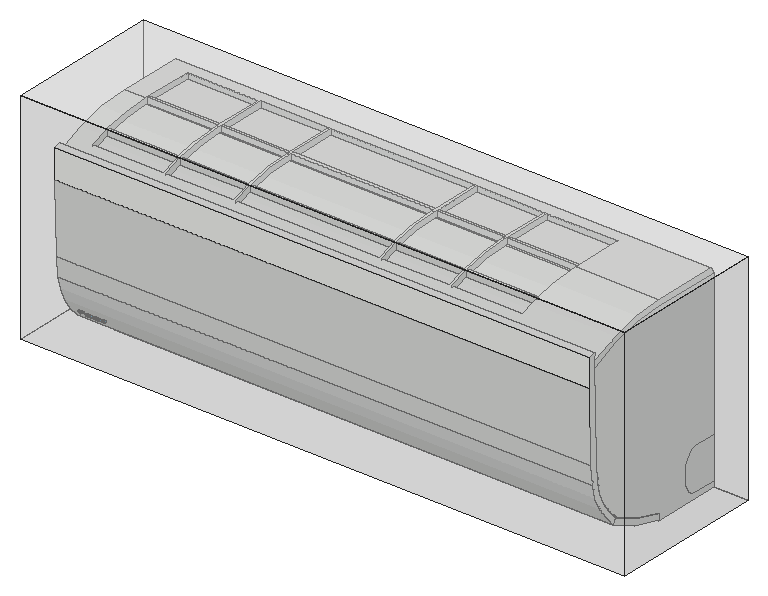
Revit family "outputfile", category 機械設備, Revit 2024
Family settings
  丸型コネクタ寸法 = 半径を使用
  パーツ タイプ = 標準
  OmniClass 番号 = 23.75.10.24.21.27.27
  OmniClass タイトル = Split System Air Conditioning Units
  作業面ベース = いいえ
  常に垂直 = はい
  ロード時にボイドで切り取り = いいえ
  注釈の向きを維持 = いいえ
  共有 = いいえ
  部屋計算ポイント = いいえ
Parameters (values of type "FTKF35TVMA")
  Description = ""
  書き出し IFC クラス(タイプ) = "IfcUnitaryEquipmentType"
  定義済み IFC タイプ(タイプ) = "AIRCONDITIONINGUNIT"
  Cost = 0
  Type Comments = ""
  Keynote = ""
  Type Image = (empty or 0)
  Assembly Code = ""
  w_wall hole = if(Width = 770.0 mm, 48.0 mm, 60.0 mm)  # 48.0 mm
  製造元 = "Daikin"
  モデル = "FTKF35TVMA"
  switch_frequency = yes
  r_Liquid Pipe Size = Liquid Pipe Size / 2  # 3.2 mm
  r_Gas Pipe Size = Gas Pipe Size / 2  # 4.75 mm
  r_Drain Pipe Size = Drain Pipe Size / 2  # 8.0 mm
  lw_powersupply [instance] = if(Width = 770.0 mm, if(or(Rear Right Connection_refrigerant, Bottom Right Connection_refrigerant), 25.0 mm, if(or(Rear Left Connection_refrigerant, Bottom Left Connection_refrigerant), 745.0 mm, 400.0 mm)), if(Width = 990.0 mm, if(or(Rear Right Connection_refrigerant, Bottom Right Connection_refrigerant), 40.0 mm, if(or(Rear Left Connection_refrigerant, Bottom Left Connection_refrigerant), 920.0 mm, 400.0 mm)), if(or(Rear Right Connection_refrigerant, Bottom Right Connection_refrigerant), 40.0 mm, if(or(Rear Left Connection_refrigerant, Bottom Left Connection_refrigerant), 920.0 mm, 400.0 mm))))  # 400.0 mm
  lw_liquidpipe [instance] = if(Width = 770.0 mm, if(or(Rear Right Connection_refrigerant, Bottom Right Connection_refrigerant), 0.0 mm, if(or(Rear Left Connection_refrigerant, Bottom Left Connection_refrigerant), 664.0 mm, 385.0 mm)), if(Width = 990.0 mm, if(or(Rear Right Connection_refrigerant, Bottom Right Connection_refrigerant), 0.0 mm, if(or(Rear Left Connection_refrigerant, Bottom Left Connection_refrigerant), 664.0 mm + (990.0 mm - 770.0 mm), 475.0 mm)), if(or(Rear Right Connection_refrigerant, Bottom Right Connection_refrigerant), 0.0 mm, if(or(Rear Left Connection_refrigerant, Bottom Left Connection_refrigerant), 664.0 mm + (990.0 mm - 770.0 mm), 475.0 mm))))  # 385.0 mm
  lw_gaspipe [instance] = if(Width = 770.0 mm, if(or(Rear Right Connection_refrigerant, Bottom Right Connection_refrigerant), 0.0 mm, if(or(Rear Left Connection_refrigerant, Bottom Left Connection_refrigerant), 675.0 mm, if(Gas Pipe Size = 12.7 mm, 345.0 mm, 335.0 mm))), if(Width = 990.0 mm, if(or(Rear Right Connection_refrigerant, Bottom Right Connection_refrigerant), 10.0 mm, if(or(Rear Left Connection_refrigerant, Bottom Left Connection_refrigerant), 890.0 mm, if(Gas Pipe Size = 15.9 mm, 400.0 mm, 400.0 mm))), if(or(Rear Right Connection_refrigerant, Bottom Right Connection_refrigerant), 10.0 mm, if(or(Rear Left Connection_refrigerant, Bottom Left Connection_refrigerant), 890.0 mm, if(Gas Pipe Size = 15.9 mm, 400.0 mm, 400.0 mm)))))  # 335.0 mm
  lw_drainpipe [instance] = if(Width = 770.0 mm, if(or(Rear Right Connection_refrigerant, Bottom Right Connection_refrigerant), 0.0 mm, if(or(Rear Left Connection_refrigerant, Bottom Left Connection_refrigerant), 770.0 mm - 48.0 mm - 48.0 mm, 440.0 mm)), if(Width = 990.0 mm, if(or(Rear Right Connection_refrigerant, Bottom Right Connection_refrigerant), 0.0 mm, if(or(Rear Left Connection_refrigerant, Bottom Left Connection_refrigerant), 675.0 mm + (990.0 mm - 770.0 mm), 435.0 mm)), if(or(Rear Right Connection_refrigerant, Bottom Right Connection_refrigerant), 0.0 mm, if(or(Rear Left Connection_refrigerant, Bottom Left Connection_refrigerant), 675.0 mm + (990.0 mm - 770.0 mm), 435.0 mm))))  # 440.0 mm
  l_powersupply_length [instance] = if(Width = 770.0 mm, if(Right Connection_refrigerant, 400.0 mm, if(Left Connection_refrigerant, 770.0 mm - 400.0 mm, if(or(Rear Left Connection_refrigerant, Rear Right Connection_refrigerant), 15.0 mm, 50.0 mm))), if(Width = 990.0 mm, if(Right Connection_refrigerant, 400.0 mm, if(Left Connection_refrigerant, 990.0 mm - 400.0 mm, if(or(Rear Left Connection_refrigerant, Rear Right Connection_refrigerant), 15.0 mm, 50.0 mm))), if(Right Connection_refrigerant, 400.0 mm, if(Left Connection_refrigerant, 990.0 mm - 400.0 mm, if(or(Rear Left Connection_refrigerant, Rear Right Connection_refrigerant), 15.0 mm, 50.0 mm)))))  # 400.0 mm
  l_liquidpipe_length [instance] = if(Width = 770.0 mm, if(Right Connection_refrigerant, 433.0 mm, if(Left Connection_refrigerant, 337.0 mm, if(or(Rear Left Connection_refrigerant, Rear Right Connection_refrigerant), 30.0 mm, 40.0 mm))), if(Width = 990.0 mm, if(Right Connection_refrigerant, 535.0 mm, if(Left Connection_refrigerant, 455.0 mm, if(or(Rear Left Connection_refrigerant, Rear Right Connection_refrigerant), 30.0 mm, 40.0 mm))), if(Right Connection_refrigerant, 535.0 mm, if(Left Connection_refrigerant, 455.0 mm, if(or(Rear Left Connection_refrigerant, Rear Right Connection_refrigerant), 30.0 mm, 40.0 mm)))))  # 433.0 mm
  l_gaspipe_length [instance] = if(Width = 770.0 mm, if(Right Connection_refrigerant, if(Gas Pipe Size = 12.7 mm, 393.0 mm, 383.0 mm), if(Left Connection_refrigerant, if(Gas Pipe Size = 12.7 mm, 770.0 mm - 393.0 mm, 770.0 mm - 383.0 mm), if(or(Rear Left Connection_refrigerant, Rear Right Connection_refrigerant), 40.0 mm, 50.0 mm))), if(Width = 990.0 mm, if(Right Connection_refrigerant, if(Gas Pipe Size = 15.9 mm, 460.0 mm, 460.0 mm), if(Left Connection_refrigerant, if(Gas Pipe Size = 15.9 mm, 990.0 mm - 460.0 mm, 990.0 mm - 460.0 mm), if(or(Rear Left Connection_refrigerant, Rear Right Connection_refrigerant), 40.0 mm, 50.0 mm))), if(Right Connection_refrigerant, if(Gas Pipe Size = 15.9 mm, 460.0 mm, 460.0 mm), if(Left Connection_refrigerant, if(Gas Pipe Size = 15.9 mm, 990.0 mm - 460.0 mm, 990.0 mm - 460.0 mm), if(or(Rear Left Connection_refrigerant, Rear Right Connection_refrigerant), 40.0 mm, 50.0 mm)))))  # 383.0 mm
  l_drainpipe_length [instance] = if(Width = 770.0 mm, if(Right Connection_refrigerant, 488.0 mm, if(Left Connection_refrigerant, 282.0 mm, if(or(Rear Left Connection_refrigerant, Rear Right Connection_refrigerant), 15.0 mm, 20.0 mm))), if(Width = 990.0 mm, if(Right Connection_refrigerant, 495.0 mm, if(Left Connection_refrigerant, 495.0 mm, if(or(Rear Left Connection_refrigerant, Rear Right Connection_refrigerant), 15.0 mm, 20.0 mm))), if(Right Connection_refrigerant, 495.0 mm, if(Left Connection_refrigerant, 495.0 mm, if(or(Rear Left Connection_refrigerant, Rear Right Connection_refrigerant), 15.0 mm, 20.0 mm)))))  # 488.0 mm
  h*** = 0.0 mm  # constant formula
  connector_voltage = Voltage_50Hz  # 230 V
  connector_powerinput = [Power Input (Cooling)]  # 0.000 kW
  connector_phase = Phase_50Hz  # 1
  angle_vertical [instance] = if(or(Bottom Left Connection_refrigerant, Bottom Right Connection_refrigerant), 0.00°, 90.00°)  # 90.00°
  angle_horizontal [instance] = if(Right Connection_refrigerant, 90.00°, if(Left Connection_refrigerant, -90.00°, if(or(Rear Left Connection_refrigerant, Rear Right Connection_refrigerant), 180.00°, 0.00°)))  # 90.00°
  Width = 770.0 mm
  Voltage_comment_50Hz = "220 - 240"
  Voltage_50Hz = 230 V
  Version = "ver.1.0"
  Unit Type = "Wall Mounted"
  Unit Mass Weight = 9.00 kg
  Unit Designation [instance] = ""
  Uniclass2015Version = "Products v1.30"
  Uniclass2015Title = "Split coil room air conditioning units"
  Uniclass2015Code = "Pr_70_65_03_86"
  URL = ""
  Total Cooling Capacity [instance] = 0.000 kW
  Sound Pressure Level_M speed (dBA) = 35
  Sound Pressure Level_L speed (dBA) = 28
  Sound Pressure Level_H speed (dBA) = 42
  Sound Power Level_H speed (dB) = 0
  Series = "Single Split_Fan Coil Unit"
  Sensible Cooling Capacity [instance] = 0.000 kW
  Refrigerant Type = "R32"
  Power Input (Cooling) = 0.000 kW
  Phase_50Hz = 1
  Option Accessory 3 [instance] = ""
  Option Accessory 2 [instance] = ""
  Option Accessory 1 [instance] = ""
  Nominal Cooling Capacity = 3.500 kW
  Minimum Circuit Amps_50Hz = 0.0 A
  Minimum Airflow = 342.00 m³/h
  Median Airflow = 456.00 m³/h
  Maximum Fuse Amps_50Hz = 0.0 A
  Maximum Airflow = 624.00 m³/h
  Material_Casing = DAIKIN_PureWhite_Casing_indoorunit
  Load Classification = HVAC
  Liquid Pipe Size = 6.4 mm
  Link_Nested Family [instance] = ""
  IfcVersion = ""
  IfcExportType = "AIRCONDITIONINGUNIT"
  IfcExportAs = "IfcUnitaryEquipmentType"
  Height = 285.0 mm
  Heat Exchanger Type = "Cross Fin Coil"
  Gas Pipe Size = 9.5 mm
  Frequency_50Hz = 50 Hz
  Fan Type = "Cross Flow Fan"
  Fan Drive = "Direct Drive"
  FCU Tag No. [instance] = ""
  Drain Pipe Size = 16.0 mm
  Design Supply Airflow [instance] = 0.00 m³/h
  Depth = 223.0 mm
  既定の高さ = 0.0 mm
  Cooling Entering Wet Bulb Temperature [instance] = 0.00 °C
  Cooling Entering Dry Bulb Temperature [instance] = 0.00 °C
  Cooling Ambient Wet Bulb Temperature [instance] = 0.00 °C
  Cooling Ambient Dry Bulb Temperature [instance] = 0.00 °C
  Clearance visibility [instance] = yes
  Clearance Top = 30.0 mm
  Clearance Right = 50.0 mm
  Clearance Rear = 0.0 mm
  Clearance Left = 50.0 mm
  Clearance Front = 0.0 mm
  Clearance Bottom = 0.0 mm
  Bottom Right Connection_refrigerant [instance] = no
  Bottom Left Connection_refrigerant [instance] = no
  Rear Right Connection_refrigerant [instance] = no
  Rear Left Connection_refrigerant [instance] = no
  Right Connection_refrigerant [instance] = yes
  Left Connection_refrigerant [instance] = no
Reference planes
  plane 1 "Back": y = 0
  plane 2: z = 0
  plane 3 "Center (Left/Right)": x = 0
  plane 4 "Center (Front/Back)": y = -111.5
  plane 5 "Front": y = -223
  plane 6 "Left": x = -385
  plane 7 "Right": x = 385
  plane 8 "Top": z = 0
  plane 9 "Bottom": z = -285
  plane 10: x = -435
  plane 11: x = 435
  plane 12: y = 0
  plane 13: y = -223
  plane 14: z = 30
  plane 15: z = -285
  plane 16 "lw_Piping and Wiring intake": x = 337
  plane 17 "lw_gaspipe": x = 2
  plane 18 "lw_liquidpipe": x = -48
  plane 19 "lw_drainpipe": x = -103
  plane 20 "lh_drainpipe": z = -265
  plane 21 "lh_liquidpipe": z = -245
  plane 22 "lh_gaspipe": z = -235
  plane 23 "ld_drainpipe": y = -15
  plane 24 "ld_liquidpipe": y = -30
  plane 25 "ld_gaspipe": y = -40
  plane 26 "lw_powersupply": x = -15
Dimensions and locks
  equal spacing: plane 6 "Left", plane 3 "Center (Left/Right)", plane 7 "Right"
  "Width": plane 6 "Left" to plane 7 "Right"
  equal spacing: plane 5 "Front", plane 4 "Center (Front/Back)", plane 1 "Back"
  "Depth": plane 5 "Front" to plane 1 "Back"
  "Height": plane 8 "Top" to plane 9 "Bottom"
  "Clearance Rear": plane 12 to plane 1 "Back"
  "Clearance Front": plane 13 to plane 5 "Front"
  "Clearance Top": plane 14 to plane 8 "Top"
  "Clearance Bottom": plane 9 "Bottom" to plane 15
  "w_wall hole": plane 16 "lw_Piping and Wiring intake" to plane 7 "Right"
  "lw_gaspipe": plane 17 "lw_gaspipe" to plane 16 "lw_Piping and Wiring intake"
  "lw_liquidpipe": plane 18 "lw_liquidpipe" to plane 16 "lw_Piping and Wiring intake"
  "lw_drainpipe": plane 19 "lw_drainpipe" to plane 16 "lw_Piping and Wiring intake"
  locked: plane 20 "lh_drainpipe" to plane 9 "Bottom" at 20
  locked: plane 21 "lh_liquidpipe" to plane 9 "Bottom" at 40
  locked: plane 22 "lh_gaspipe" to plane 9 "Bottom" at 50
  locked: plane 23 "ld_drainpipe" to plane 1 "Back" at 15
  locked: plane 1 "Back" to plane 24 "ld_liquidpipe" at 30
  locked: plane 1 "Back" to plane 25 "ld_gaspipe" at 40
  "lw_powersupply": plane 26 "lw_powersupply" to plane 7 "Right"
  "Clearance Left": plane 10 to plane 6 "Left"
  "Clearance Right": plane 7 "Right" to plane 11
  aligned and locked: level to plane 2
  aligned and locked: plane 12 to nested 1
  aligned and locked: nested 1 to plane 13
  aligned and locked: plane 10 to nested 1
  aligned and locked: plane 11 to nested 1
  aligned and locked: plane 15 to nested 1
  aligned and locked: plane 14 to nested 1
  aligned and locked: plane 17 "lw_gaspipe" to nested 2
  aligned and locked: nested 2 to plane 25 "ld_gaspipe"
  aligned and locked: plane 18 "lw_liquidpipe" to nested 3
  aligned and locked: nested 3 to plane 24 "ld_liquidpipe"
  aligned and locked: plane 19 "lw_drainpipe" to nested 4
  aligned and locked: nested 4 to plane 23 "ld_drainpipe"
  aligned and locked: nested 5 to plane 23 "ld_drainpipe"
  aligned and locked: plane 26 "lw_powersupply" to nested 5
  aligned and locked: level to plane 8 "Top"
  aligned and locked: plane 3 "Center (Left/Right)" to nested 6
  aligned and locked: plane 1 "Back" to nested 6
  aligned and locked: plane 8 "Top" to nested 6
Nested families
  nested 1: "daikin_clearancespace" at (0, -111.5, -127.381), show <- "Clearance visibility", visible <- "Clearance visibility", Link_Nested Family <- "Link_Nested Family", type "daikin_clearancespace"
    with width 870.0 mm, show yes, height 315.0 mm, depth 223.0 mm, Link_Nested Family ""
  nested 2: "daikin_connector_rotate3" at (2, -40, -235), angle_vertical <- "angle_vertical", angle_horizontal <- "angle_horizontal", length <- "l_gaspipe_length", radius <- "r_Gas Pipe Size", type "daikin_connector_rotate3"
    with show no, radius 4.75 mm, length 383.0 mm, angle_vertical 90.00°, angle_horizontal 90.00°
  nested 3: "daikin_connector_rotate3" at (-48, -30, -245), angle_vertical <- "angle_vertical", angle_horizontal <- "angle_horizontal", radius <- "r_Liquid Pipe Size", length <- "l_liquidpipe_length", type "daikin_connector_rotate3"
    with show no, radius 3.2 mm, length 433.0 mm, angle_vertical 90.00°, angle_horizontal 90.00°
  nested 4: "daikin_connector_rotate3" at (-103, -15, -265), angle_vertical <- "angle_vertical", angle_horizontal <- "angle_horizontal", length <- "l_drainpipe_length", radius <- "r_Drain Pipe Size", type "daikin_connector_rotate3"
    with show no, radius 8.0 mm, length 488.0 mm, angle_vertical 90.00°, angle_horizontal 90.00°
  nested 5: "daikin_connector_rotate3" at (-15, -15, -235), angle_vertical <- "angle_vertical", angle_horizontal <- "angle_horizontal", length <- "l_powersupply_length", type "daikin_connector_rotate3"
    with show no, radius 10.0 mm, length 400.0 mm, angle_vertical 90.00°, angle_horizontal 90.00°
  nested 6: "DAIKIN_indoorunit_FTKF-TVMA" at (-31, 0, 0), type "FTKF-TVMA"
Connectors
  piping at (385, -40, -235), diameter 9.5, driven by "r_Gas Pipe Size"
    settings: on nested 2, index 1, connector inside diameter 609.6 mm, connector length 0.0 mm, flow factor 0, pipe flow 0.00 m³/h, pressure drop 0.0 Pa, fitting loss kfactor 0, connector angle 0.00°, fixture units 0, engagement length 0.0 mm, angle of deflection 0.00°, flow configuration 1, flow direction 2, fitting loss method 0, system type 29, joint type 0, gender type 0, connector reference index -1, connector utility 0, adjustable connector no, is connector primary yes, connector description "Refrigerant Gas Piping"
  piping at (385, -30, -245), diameter 6.4, driven by "r_Liquid Pipe Size"
    settings: on nested 3, index 2, connector inside diameter 609.6 mm, connector length 0.0 mm, flow factor 0, pipe flow 0.00 m³/h, pressure drop 0.0 Pa, fitting loss kfactor 0, connector angle 0.00°, fixture units 0, engagement length 0.0 mm, angle of deflection 0.00°, flow configuration 1, flow direction 1, fitting loss method 0, system type 29, joint type 0, gender type 0, connector reference index -1, connector utility 0, adjustable connector no, is connector primary no, connector description "Refrigerant Liquid Piping"
  piping at (385, -15, -265), diameter 16, driven by "r_Drain Pipe Size"
    settings: on nested 4, index 3, connector inside diameter 609.6 mm, connector length 0.0 mm, flow factor 0, pipe flow 0.00 m³/h, pressure drop 0.0 Pa, fitting loss kfactor 0, connector angle 0.00°, fixture units 0, engagement length 0.0 mm, angle of deflection 0.00°, flow configuration 1, flow direction 2, fitting loss method 4, system type 16, joint type 0, gender type 0, connector reference index -1, connector utility 0, adjustable connector no, is connector primary no, connector description "Condensate Drain Piping"
  electrical at (385, -15, -235), driven by "Load Classification", driven by "connector_voltage", driven by "connector_phase", driven by "connector_powerinput"
    settings: on nested 5, index 4, voltage 230 V, apparent load 0 VA, apparent load phase1 0 VA, apparent load phase2 0 VA, apparent load phase3 0 VA, power factor 1, load classification "HVAC", number of poles 1, system type 30, power factor state 1, is connector primary yes, connector utility no, sub classification motor no, connector description "Power Supply"
Definition of nested family "daikin_clearancespace"
  Parameters (values of type "daikin_clearancespace")
    Description = "daikin_clearancespace"
    width [instance] = 1823.963 mm
    show [instance] = yes
    material = none
    height [instance] = 1359.762 mm
    depth [instance] = 880.0 mm
    Default Elevation = 0.0 mm
    Link_Nested Family [instance] = ""
  Reference planes
    plane 1 "Center (Front/Back)": y = 0
    plane 2 "Center (Elevation)": z = -0.119
    plane 3 "Center (Left/Right)": x = 0
    plane 4: y = 440
    plane 5: y = -440
    plane 6 "Right": x = 911.982
    plane 7 "Left": x = -911.982
    plane 8 "Top": z = 679.762
    plane 9 "Bottom": z = -680
  Forms (mm)
    Extrusion 1, solid, material <- "material", visible <- "show"
      sketch origin (0, 0, 0) x (1, 0, 0) y (0, 1, 0)
        loop
          line (-911.982, 440) -> (-911.982, -440) -> (911.982, -440) -> (911.982, 440) -> (-911.982, 440)
      from -680 to 679.762
  Lines and regions (mm)
    symbolic lines, visible <- "show"
      curve 1: line (911.982, 440, 0) -> (-911.982, 440, 0)
      curve 2: line (-911.982, 440, 0) -> (-911.982, -440, 0)
      curve 3: line (-911.982, -440, 0) -> (911.982, -440, 0)
      curve 4: line (911.982, -440, 0) -> (911.982, 440, 0)
      curve 5: line (911.982, 0, 679.762) -> (-911.982, 0, 679.762)
      curve 6: line (911.982, 0, -680) -> (911.982, 0, 679.762)
      curve 7: line (-911.982, 0, -680) -> (911.982, 0, -680)
      curve 8: line (-911.982, 0, 679.762) -> (-911.982, 0, -680)
      curve 9: line (0, 440, 679.762) -> (0, -440, 679.762)
      curve 10: line (0, -440, 679.762) -> (0, -440, -680)
      curve 11: line (0, 440, -680) -> (0, 440, 679.762)
      curve 12: line (0, -440, -680) -> (0, 440, -680)
  Dimensions and locks
    "width": plane 7 "Left" to plane 6 "Right"
    "depth": plane 4 to plane 5
    "height": plane 8 "Top" to plane 9 "Bottom"
    equal spacing: plane 7 "Left", plane 3 "Center (Left/Right)", plane 6 "Right"
    equal spacing: plane 4, plane 1 "Center (Front/Back)", plane 5
    equal spacing: plane 8 "Top", plane 2 "Center (Elevation)", plane 9 "Bottom"
    aligned and locked: level to plane 2 "Center (Elevation)"
    aligned and locked: Extrusion 1 sketch curve to plane 4
    aligned and locked: plane 7 "Left" to Extrusion 1 sketch curve
    aligned and locked: Extrusion 1 sketch curve to plane 5
    aligned and locked: Extrusion 1 sketch curve to plane 6 "Right"
    aligned and locked: plane 8 "Top" to Extrusion 1
    aligned and locked: curve 1 to Extrusion 1
    aligned and locked: curve 2 to Extrusion 1
    aligned and locked: curve 3 to Extrusion 1
    aligned and locked: curve 4 to Extrusion 1
    aligned and locked: curve 5 to Extrusion 1
    aligned and locked: curve 6 to Extrusion 1
    aligned and locked: curve 7 to Extrusion 1
    aligned and locked: curve 8 to Extrusion 1
    aligned and locked: curve 9 to Extrusion 1
    aligned and locked: curve 10 to Extrusion 1
    aligned and locked: curve 11 to Extrusion 1
    aligned and locked: curve 12 to Extrusion 1
    aligned and locked: Extrusion 1 to plane 9 "Bottom"
Definition of nested family "DAIKIN_indoorunit_FTKF-TVMA"
  Parameters (values of type "FTKF-TVMA")
    switch_unit1_60-71 = Width = 990.0 mm  # no
    switch_unit1_20-50 = Width = 770.0 mm  # yes
    Width = 770.0 mm
    WALL HOLE-R = if(Width = 770.0 mm, 48.0 mm, 60.0 mm)  # 48.0 mm
    WALL HOLE Size = if(Width = 770.0 mm, 65.0 mm, 80.0 mm)  # 65.0 mm
    Material_Casing = none
    Height = if(Width = 770.0 mm, 285.0 mm, 295.0 mm)  # 285.0 mm
    Default Elevation = 0.0 mm
  Reference planes
    plane 1 "Center (Front/Back)": y = 0
    plane 2 "reference_level": z = 0
    plane 3 "Center (Left/Right)": x = 31
    plane 4: x = -354
    plane 5: x = 416
    plane 6: z = -285
  Forms (mm)
    Extrusion 1, solid, material <- "Material_Casing", visible <- "switch_unit1_20-50"
      sketch origin (29, 0, 0) x (0, 1, 0) y (0, 0, 1)
        loop
          line (-5, 0) -> (-98, 0)
          arc (-98, 0) -> (-157.611, -7.211) -> (-213.783, -28.427) r 250
          arc (-213.783, -28.427) -> (-213.842, -32.972) -> (-213.892, -37.516) r 2191
          arc (-213.892, -37.516) -> (-157.832, -15.495) -> (-98.07, -8) r 242
          line (-98.07, -8) -> (0, -8) -> (-5, 0)
      from -383 to 387
    Extrusion 2, solid, material <- "Material_Casing", visible <- "switch_unit1_20-50"
      sketch origin (416, 1296.25, 1200) x (0, 1, 0) y (0, 0, 1)
        loop
          line (-1472.998, -1446.91) -> (-1476.998, -1453.839)
          arc (-1476.998, -1453.839) -> (-1437.481, -1472.422) -> (-1395.25, -1483.538) r 240
          line (-1395.25, -1483.538) -> (-1395.25, -1475.422)
          arc (-1395.25, -1475.422) -> (-1435.407, -1464.663) -> (-1472.998, -1446.91) r 232
      from 0 to -47.5
    Extrusion 3, solid, material <- "Material_Casing", visible <- "switch_unit1_20-50"
      sketch origin (29, 0, 0) x (0, 1, 0) y (0, 0, 1)
        loop
          arc (-223, -60.455) -> (-222.414, -110.646) -> (-220.656, -160.81) r 2149.92
          arc (-220.656, -160.81) -> (-219.65, -174.299) -> (-217.853, -187.706) r 229.911
          arc (-217.853, -187.706) -> (-205.371, -223.594) -> (-181.517, -253.17) r 111
          line (-181.517, -253.17) -> (-177.429, -246.093)
          arc (-177.429, -246.093) -> (-198.77, -218.989) -> (-209.965, -186.36) r 103
          arc (-209.965, -186.36) -> (-211.681, -173.586) -> (-212.651, -160.735) r 221.844
          arc (-212.651, -160.735) -> (-214.739, -93.233) -> (-214.74, -25.699) r 2186.828
          arc (-214.74, -25.699) -> (-214.671, -21.467) -> (-214.594, -17.235) r 2192
          line (-214.594, -17.235) -> (-223, -19.961) -> (-223, -60.455)
      from -383 to 387
    Extrusion 4, solid, material <- "Material_Casing", visible <- "switch_unit1_20-50"
      sketch origin (29, 0, -20) x (0, 1, 0) y (0, 0, 1)
        loop
          line (0, -265) -> (0, 12) -> (-98.07, 12)
          arc (-98.07, 12) -> (-157.832, 4.505) -> (-213.892, -17.516) r 242
          arc (-213.892, -17.516) -> (-213.638, -79.114) -> (-211.653, -140.681) r 2191
          arc (-211.653, -140.681) -> (-210.685, -153.501) -> (-208.973, -166.243) r 221
          arc (-208.973, -166.243) -> (-197.471, -199.282) -> (-175.482, -226.491) r 102
          arc (-175.482, -226.491) -> (-138.004, -244.019) -> (-98, -254.579) r 231
          line (-98, -254.579) -> (-98, -265) -> (0, -265)
      from -383 to 387
    Extrusion 5, solid, material <- "Material_Casing", visible <- "switch_unit1_20-50"
      sketch origin (-354, 1296.25, 1200) x (0, 1, 0) y (0, 0, 1)
        loop
          line (-1472.998, -1446.91) -> (-1476.998, -1453.839)
          arc (-1476.998, -1453.839) -> (-1437.481, -1472.422) -> (-1395.25, -1483.538) r 240
          line (-1395.25, -1483.538) -> (-1395.25, -1475.422)
          arc (-1395.25, -1475.422) -> (-1435.407, -1464.663) -> (-1472.998, -1446.91) r 232
      from 47 to 0
    Extrusion 6, solid, material <- "Material_Casing", visible <- "switch_unit1_20-50"
      sketch origin (416, 1296.25, 1200) x (0, 1, 0) y (0, 0, 1)
        loop
          line (-1472.998, -1446.91) -> (-1476.998, -1453.839)
          arc (-1476.998, -1453.839) -> (-1443.437, -1470.168) -> (-1407.75, -1481.097) r 240
          line (-1407.75, -1481.097) -> (-1407.75, -1472.894)
          arc (-1407.75, -1472.894) -> (-1441.363, -1462.385) -> (-1472.998, -1446.91) r 232
      from -116.993 to -48.493
    Extrusion 7, solid, material <- "Material_Casing", visible <- "switch_unit1_20-50"
      sketch origin (416, 1296.25, 1200) x (0, 1, 0) y (0, 0, 1)
        loop
          line (-1472.998, -1446.91) -> (-1476.998, -1453.839)
          arc (-1476.998, -1453.839) -> (-1443.437, -1470.168) -> (-1407.75, -1481.097) r 240
          line (-1407.75, -1481.097) -> (-1407.75, -1472.894)
          arc (-1407.75, -1472.894) -> (-1441.363, -1462.385) -> (-1472.998, -1446.91) r 232
      from -717 to -121.993
    Extrusion 8, void
      sketch origin (31, 0, -235) x (1, 0, 0) y (0, 1, 0)
        loop
          line (-252.674, -22.316) -> (-354.941, -22.316) -> (-354.941, -91.341) -> (-252.674, -91.341) -> (-252.674, -22.316)
        loop
          line (-249.341, -91.341) -> (-151.574, -91.341) -> (-151.574, -22.316) -> (-249.341, -22.316) -> (-249.341, -91.341)
        loop
          line (58.309, -22.316) -> (-148.309, -22.316) -> (-148.309, -91.341) -> (58.309, -91.341) -> (58.309, -22.316)
        loop
          line (61.689, -22.316) -> (61.689, -91.341) -> (159.457, -91.341) -> (159.457, -22.316) -> (61.689, -22.316)
        loop
          line (162.789, -22.316) -> (162.789, -91.341) -> (265.057, -91.341) -> (265.057, -22.316) -> (162.789, -22.316)
        loop
          line (-354.941, -94.659) -> (-354.941, -165.259) -> (-252.674, -165.259) -> (-252.674, -94.659) -> (-354.941, -94.659)
        loop
          line (-249.341, -94.659) -> (-249.341, -165.259) -> (-151.574, -165.259) -> (-151.574, -94.659) -> (-249.341, -94.659)
        loop
          line (-148.309, -94.659) -> (-148.309, -165.259) -> (58.309, -165.259) -> (58.309, -94.659) -> (-148.309, -94.659)
        loop
          line (61.689, -94.659) -> (61.689, -165.259) -> (159.457, -165.259) -> (159.457, -94.659) -> (61.689, -94.659)
        loop
          line (162.789, -94.659) -> (162.789, -165.259) -> (265.057, -165.259) -> (265.057, -94.659) -> (162.789, -94.659)
        loop
          line (-354.941, -167.382) -> (-354.941, -192.681) -> (-252.674, -192.681) -> (-252.674, -167.382) -> (-354.941, -167.382)
        loop
          line (-249.341, -167.382) -> (-249.341, -192.681) -> (-151.574, -192.681) -> (-151.574, -167.382) -> (-249.341, -167.382)
        loop
          line (-148.309, -167.382) -> (-148.309, -192.681) -> (58.309, -192.681) -> (58.309, -167.382) -> (-148.309, -167.382)
        loop
          line (159.457, -167.382) -> (61.689, -167.382) -> (61.689, -192.681) -> (159.457, -192.681) -> (159.457, -167.382)
        loop
          line (265.057, -167.382) -> (162.789, -167.382) -> (162.789, -192.681) -> (265.057, -192.681) -> (265.057, -167.382)
      from 201.638 to 250
    Extrusion 9, solid, material <- "Material_Casing"
      sketch origin (31, 0, 0) x (1, 0, 0) y (0, 0, 1)
        loop
          circle (337, -240.5) r 32.5
        loop
          circle (-337, -240.5) r 32.5
      from 0 to 5
    Extrusion 10, solid, material <- "Material_Casing", visible <- "switch_unit1_20-50"
      sketch origin (416, 1296.25, 1200) x (0, -1, 0) y (0, 0, 1)
        loop
          line (1326.25, -1417) -> (1296.25, -1417) -> (1296.25, -1477) -> (1326.25, -1477)
          arc (1326.25, -1477) -> (1340.393, -1471.142) -> (1346.25, -1457) r 20
          line (1346.25, -1457) -> (1346.25, -1437)
          arc (1346.25, -1437) -> (1340.393, -1422.858) -> (1326.25, -1417) r 20
      from 0 to 5
    Extrusion 11, solid, material <- "Material_Casing", visible <- "switch_unit1_20-50"
      sketch origin (-354, 1296.25, 1200) x (0, 1, 0) y (0, 0, 1)
        loop
          line (-1296.25, -1417) -> (-1326.25, -1417)
          arc (-1326.25, -1417) -> (-1340.393, -1422.858) -> (-1346.25, -1437) r 20
          line (-1346.25, -1437) -> (-1346.25, -1457)
          arc (-1346.25, -1457) -> (-1340.393, -1471.142) -> (-1326.25, -1477) r 20
          line (-1326.25, -1477) -> (-1296.25, -1477) -> (-1296.25, -1417)
      from 0 to 5
    Extrusion 12, solid, material <- "Material_Casing", visible <- "switch_unit1_20-50"
      sketch origin (31, 0, -285) x (-1, 0, 0) y (0, -1, 0)
        loop
          line (-314, 0) -> (-314, 30)
          arc (-314, 30) -> (-319.858, 44.142) -> (-334, 50) r 20
          line (-334, 50) -> (-354, 50)
          arc (-354, 50) -> (-368.142, 44.142) -> (-374, 30) r 20
          line (-374, 30) -> (-374, 0) -> (-314, 0)
        loop
          line (374, 0) -> (374, 30)
          arc (374, 30) -> (368.142, 44.142) -> (354, 50) r 20
          line (354, 50) -> (334, 50)
          arc (334, 50) -> (319.858, 44.142) -> (314, 30) r 20
          line (314, 30) -> (314, 0) -> (374, 0)
      from 0 to 5
    Extrusion 13, solid, material <- "Material_Casing", visible <- "switch_unit1_60-71"
      sketch origin (31, 0, 0) x (0, 1, 0) y (0, 0, 1)
        loop
          line (-5, 0) -> (-138, 0)
          arc (-138, 0) -> (-197.611, -7.211) -> (-253.783, -28.427) r 250
          arc (-253.783, -28.427) -> (-253.838, -32.687) -> (-253.886, -36.946) r 2191
          arc (-253.886, -36.946) -> (-197.73, -15.346) -> (-138.014, -8) r 246.393
          line (-138.014, -8) -> (0, -8) -> (-5, 0)
      from -495 to 495
    Extrusion 14, solid, material <- "Material_Casing", visible <- "switch_unit1_60-71"
      sketch origin (418, 1296.25, 1200) x (0, 1, 0) y (0, 0, 1)
        loop
          arc (-1515.208, -1454.149) -> (-1506.856, -1460.599) -> (-1497.925, -1466.219) r 110
          arc (-1497.925, -1466.219) -> (-1445.718, -1487.493) -> (-1389.844, -1494.995) r 223
          line (-1389.844, -1494.995) -> (-1389.844, -1486.086) -> (-1404.386, -1486.086)
          arc (-1404.386, -1486.086) -> (-1449.542, -1477.46) -> (-1491.818, -1459.402) r 214.289
          arc (-1491.818, -1459.402) -> (-1501.056, -1453.541) -> (-1509.606, -1446.715) r 101
          line (-1509.606, -1446.715) -> (-1515.208, -1454.149)
      from 108 to 57.5
    Extrusion 15, solid, material <- "Material_Casing", visible <- "switch_unit1_60-71"
      sketch origin (31, 0, 0) x (0, 1, 0) y (0, 0, 1)
        loop
          line (-263, -19.962) -> (-263, -61.6)
          arc (-263, -61.6) -> (-262.414, -110.219) -> (-260.656, -158.81) r 2017.341
          arc (-260.656, -158.81) -> (-255.648, -191.935) -> (-244.041, -223.362) r 164.725
          arc (-244.041, -223.362) -> (-233.569, -239.793) -> (-219.717, -253.495) r 87.379
          line (-219.717, -253.495) -> (-214.706, -246.846)
          arc (-214.706, -246.846) -> (-229.564, -230.029) -> (-240.385, -210.371) r 102
          arc (-240.385, -210.371) -> (-249.049, -182.962) -> (-252.848, -154.467) r 165.789
          arc (-252.848, -154.467) -> (-254.771, -90.102) -> (-254.74, -25.708) r 2122.533
          arc (-254.74, -25.708) -> (-254.671, -21.469) -> (-254.594, -17.23) r 2192
          line (-254.594, -17.23) -> (-263, -19.962)
      from -495 to 495
    Extrusion 16, void
      sketch origin (33, 0, 0) x (1, 0, 0) y (0, 1, 0)
        loop
          line (-466.909, -22.316) -> (-466.909, -111.341) -> (-366.303, -111.341) -> (-366.303, -22.316) -> (-466.909, -22.316)
        loop
          line (-362.71, -22.316) -> (-362.71, -111.341) -> (-262.103, -111.341) -> (-262.103, -22.316) -> (-362.71, -22.316)
        loop
          line (-258.51, -22.316) -> (-258.51, -111.341) -> (-157.904, -111.341) -> (-157.904, -22.316) -> (-258.51, -22.316)
        loop
          line (-154.31, -22.316) -> (-154.31, -111.341) -> (-53.704, -111.341) -> (-53.704, -22.316) -> (-154.31, -22.316)
        loop
          line (-50.11, -22.316) -> (-50.11, -111.341) -> (50.496, -111.341) -> (50.496, -22.316) -> (-50.11, -22.316)
        loop
          line (54.089, -22.316) -> (54.089, -111.341) -> (154.696, -111.341) -> (154.696, -22.316) -> (54.089, -22.316)
        loop
          line (158.289, -22.316) -> (158.289, -111.341) -> (258.895, -111.341) -> (258.895, -22.316) -> (158.289, -22.316)
        loop
          line (262.489, -22.316) -> (262.489, -111.341) -> (363.095, -111.341) -> (363.095, -22.316) -> (262.489, -22.316)
        loop
          line (-466.909, -114.459) -> (-466.909, -185.059) -> (-366.303, -185.059) -> (-366.303, -114.459) -> (-466.909, -114.459)
        loop
          line (-362.71, -114.459) -> (-362.71, -185.059) -> (-262.103, -185.059) -> (-262.103, -114.459) -> (-362.71, -114.459)
        loop
          line (-258.51, -114.459) -> (-258.51, -185.059) -> (-157.904, -185.059) -> (-157.904, -114.459) -> (-258.51, -114.459)
        loop
          line (-154.31, -114.459) -> (-154.31, -185.059) -> (-53.704, -185.059) -> (-53.704, -114.459) -> (-154.31, -114.459)
        loop
          line (-50.11, -114.459) -> (-50.11, -185.059) -> (50.496, -185.059) -> (50.496, -114.459) -> (-50.11, -114.459)
        loop
          line (54.089, -114.459) -> (54.089, -185.059) -> (154.696, -185.059) -> (154.696, -114.459) -> (54.089, -114.459)
        loop
          line (158.289, -114.459) -> (158.289, -185.059) -> (258.895, -185.059) -> (258.895, -114.459) -> (158.289, -114.459)
        loop
          line (262.489, -114.459) -> (262.489, -185.059) -> (363.095, -185.059) -> (363.095, -114.459) -> (262.489, -114.459)
        loop
          line (-466.909, -187.382) -> (-466.909, -232.681) -> (-366.303, -232.681) -> (-366.303, -187.382) -> (-466.909, -187.382)
        loop
          line (-362.71, -187.382) -> (-362.71, -232.681) -> (-262.103, -232.681) -> (-262.103, -187.382) -> (-362.71, -187.382)
        loop
          line (-258.51, -187.382) -> (-258.51, -232.681) -> (-157.904, -232.681) -> (-157.904, -187.382) -> (-258.51, -187.382)
        loop
          line (-154.31, -187.382) -> (-154.31, -232.681) -> (-53.704, -232.681) -> (-53.704, -187.382) -> (-154.31, -187.382)
        loop
          line (-50.11, -187.382) -> (-50.11, -232.681) -> (50.496, -232.681) -> (50.496, -187.382) -> (-50.11, -187.382)
        loop
          line (54.089, -187.382) -> (54.089, -232.681) -> (154.696, -232.681) -> (154.696, -187.382) -> (54.089, -187.382)
        loop
          line (158.289, -187.382) -> (158.289, -232.681) -> (258.895, -232.681) -> (258.895, -187.382) -> (158.289, -187.382)
        loop
          line (262.489, -187.382) -> (262.489, -232.681) -> (363.095, -232.681) -> (363.095, -187.382) -> (262.489, -187.382)
      from -40.013 to 47.268
    Extrusion 17, solid, material <- "Material_Casing", visible <- "switch_unit1_60-71"
      sketch origin (-356, 1296.25, 1200) x (0, 1, 0) y (0, 0, -1)
        loop
          line (-1515.208, 1454.149) -> (-1509.606, 1446.715)
          arc (-1509.606, 1446.715) -> (-1501.056, 1453.541) -> (-1491.818, 1459.402) r 101
          arc (-1491.818, 1459.402) -> (-1449.542, 1477.46) -> (-1404.386, 1486.086) r 214.289
          line (-1404.386, 1486.086) -> (-1389.844, 1486.086) -> (-1389.844, 1494.995)
          arc (-1389.844, 1494.995) -> (-1445.718, 1487.493) -> (-1497.925, 1466.219) r 223
          arc (-1497.925, 1466.219) -> (-1506.856, 1460.599) -> (-1515.208, 1454.149) r 110
      from 108 to 61
    Extrusion 18, solid, material <- "Material_Casing", visible <- "switch_unit1_60-71"
      sketch origin (418, 1296.25, 1200) x (0, 1, 0) y (0, 0, 1)
        loop
          arc (-1515.208, -1454.149) -> (-1506.856, -1460.599) -> (-1497.925, -1466.219) r 110
          arc (-1497.925, -1466.219) -> (-1463.185, -1482.066) -> (-1426.25, -1491.755) r 223
          line (-1426.25, -1491.755) -> (-1426.25, -1483.166)
          arc (-1426.25, -1483.166) -> (-1460.008, -1473.969) -> (-1491.818, -1459.402) r 214.289
          arc (-1491.818, -1459.402) -> (-1501.056, -1453.541) -> (-1509.606, -1446.715) r 101
          line (-1509.606, -1446.715) -> (-1515.208, -1454.149)
      from 56.5 to -36.993
    Extrusion 19, solid, material <- "Material_Casing", visible <- "switch_unit1_60-71"
      sketch origin (418, 1296.25, 1200) x (0, 1, 0) y (0, 0, 1)
        loop
          arc (-1426.25, -1483.166) -> (-1443.442, -1479.224) -> (-1460.25, -1473.881) r 214.289
          line (-1460.25, -1473.881) -> (-1460.25, -1483.089)
          arc (-1460.25, -1483.089) -> (-1443.421, -1488.091) -> (-1426.25, -1491.755) r 223
          line (-1426.25, -1491.755) -> (-1426.25, -1483.166)
      from -43.493 to -828.893
    Extrusion 20, solid, material <- "Material_Casing", visible <- "switch_unit1_60-71"
      sketch origin (418, 1296.25, 1200) x (0, 1, 0) y (0, 0, 1)
        loop
          arc (-1515.208, -1454.149) -> (-1506.856, -1460.599) -> (-1497.925, -1466.219) r 110
          arc (-1497.925, -1466.219) -> (-1479.479, -1475.527) -> (-1460.25, -1483.089) r 223
          line (-1460.25, -1483.089) -> (-1460.25, -1473.881)
          arc (-1460.25, -1473.881) -> (-1476.328, -1467.282) -> (-1491.818, -1459.402) r 214.289
          arc (-1491.818, -1459.402) -> (-1501.056, -1453.541) -> (-1509.606, -1446.715) r 101
          line (-1509.606, -1446.715) -> (-1515.208, -1454.149)
      from -43.493 to -828.893
    Extrusion 21, solid, material <- "Material_Casing", visible <- "switch_unit1_60-71"
      sketch origin (31, 0, -30) x (0, 1, 0) y (0, 0, 1)
        loop
          line (0, 22) -> (-138.014, 22)
          arc (-138.014, 22) -> (-197.73, 14.654) -> (-253.886, -6.946) r 246.393
          arc (-253.886, -6.946) -> (-253.682, -65.635) -> (-251.855, -124.295) r 2120.935
          arc (-251.855, -124.295) -> (-248.086, -152.682) -> (-239.461, -179.988) r 164.789
          arc (-239.461, -179.988) -> (-228.903, -199.231) -> (-214.437, -215.738) r 101
          line (-214.437, -215.738) -> (-212.406, -216.221)
          arc (-212.406, -216.221) -> (-204.07, -222.837) -> (-195.079, -228.53) r 100
          arc (-195.079, -228.53) -> (-145.557, -248.629) -> (-92.593, -255.785) r 213.289
          line (-92.593, -255.785) -> (-92.593, -265) -> (0, -265) -> (0, 22)
      from -495 to 495
    Extrusion 22, solid, material <- "Material_Casing", visible <- "switch_unit1_60-71"
      sketch origin (526, 1296.25, 1200) x (0, -1, 0) y (0, 0, 1)
        loop
          line (1326.25, -1427.035) -> (1296.25, -1427.035) -> (1296.25, -1487.035) -> (1326.25, -1487.035)
          arc (1326.25, -1487.035) -> (1340.393, -1481.177) -> (1346.25, -1467.035) r 20
          line (1346.25, -1467.035) -> (1346.25, -1447.035)
          arc (1346.25, -1447.035) -> (1340.393, -1432.892) -> (1326.25, -1427.035) r 20
      from 0 to 5
    Extrusion 23, solid, material <- "Material_Casing", visible <- "switch_unit1_60-71"
      sketch origin (-459, 1296.25, 1200) x (0, -1, 0) y (0, 0, 1)
        loop
          line (1326.25, -1427.035) -> (1296.25, -1427.035) -> (1296.25, -1487.035) -> (1326.25, -1487.035)
          arc (1326.25, -1487.035) -> (1340.393, -1481.177) -> (1346.25, -1467.035) r 20
          line (1346.25, -1467.035) -> (1346.25, -1447.035)
          arc (1346.25, -1447.035) -> (1340.393, -1432.892) -> (1326.25, -1427.035) r 20
      from 0 to 5
    Extrusion 24, solid, material <- "Material_Casing", visible <- "switch_unit1_60-71"
      sketch origin (31, 200, -295) x (-1, 0, 0) y (0, -1, 0)
        loop
          line (469, 200) -> (469, 230)
          arc (469, 230) -> (463.142, 244.142) -> (449, 250) r 20
          line (449, 250) -> (429, 250)
          arc (429, 250) -> (414.858, 244.142) -> (409, 230) r 20
          line (409, 230) -> (409, 200) -> (469, 200)
        loop
          line (-469, 200) -> (-409, 200) -> (-409, 230)
          arc (-409, 230) -> (-414.858, 244.142) -> (-429, 250) r 20
          line (-429, 250) -> (-449, 250)
          arc (-449, 250) -> (-463.142, 244.142) -> (-469, 230) r 20
          line (-469, 230) -> (-469, 200)
      from 0 to 5
  Cuts and joins
    Extrusion 8 cuts Extrusion 1
    Extrusion 16 cuts Extrusion 13
  Lines and regions (mm)
    reference lines
      curve 1: line (-523, -201.911, -229.404) -> (-523, -193.542, -239.977)
      curve 2: line (-523, -240.779, -229.404) -> (-523, -232.411, -239.977)
  Dimensions and locks
    locked: Extrusion 10 sketch curve to Extrusion 10 sketch curve at 60
    locked: Extrusion 10 sketch curve to Extrusion 10 sketch curve at 50
    locked: Extrusion 12 sketch curve to Extrusion 12 sketch curve at 60  (x2)
    locked: Extrusion 12 sketch curve to Extrusion 12 sketch curve at 50
    equal spacing: plane 5, plane 3 "Center (Left/Right)", plane 4
    "Width": plane 5 to plane 4
    locked: Extrusion 9 sketch curve to plane 4 at 48
    "WALL HOLE-R": plane 5 to Extrusion 9 sketch curve
    "Height": plane 2 "reference_level" to plane 6
    locked: Extrusion 9 sketch curve to plane 6 at 44.5  (x2)
    locked: Extrusion 15 to nested 2 at 15
    locked: Extrusion 22 sketch curve to Extrusion 22 sketch curve at 60
    locked: Extrusion 22 sketch curve to Extrusion 22 sketch curve at 50
    locked: Extrusion 23 sketch curve to Extrusion 23 sketch curve at 60
    locked: Extrusion 23 sketch curve to Extrusion 23 sketch curve at 50
    locked: Extrusion 24 sketch curve to Extrusion 24 sketch curve at 60  (x2)
    locked: Extrusion 24 sketch curve to Extrusion 24 sketch curve at 50  (x2)
    "WALL HOLE Size": diameter of Extrusion 9 sketch curve  (x2)
    aligned and locked: level to plane 2 "reference_level"
    aligned and locked: nested 1 to curve 1
    aligned and locked: Extrusion 11 sketch curve to Extrusion 10  (x4)
    aligned and locked: Extrusion 12 sketch curve to Extrusion 12 sketch curve  (x2)
    aligned and locked: Extrusion 9 to plane 1 "Center (Front/Back)"
    aligned and locked: nested 2 to curve 2
  Automatic sketch dimensions
    curve 1 to level = 239.977 mm
    plane 1 "Center (Front/Back)" to curve 1 = 193.542 mm
    curve 2 to curve 1 = 0.0 mm
    curve 2 to curve 2 = 10.573 mm
    curve 1 to curve 1 = 10.573 mm
    curve 1 to curve 1 = 8.368 mm
    curve 1 to curve 2 = 30.5 mm
    curve 2 to curve 2 = 8.368 mm
    Extrusion 1 sketch curve to level = 0.0 mm
    Extrusion 1 sketch curve to plane 1 "Center (Front/Back)" = 0.0 mm
    plane 1 "Center (Front/Back)" to Extrusion 1 sketch curve = 5.0 mm
    plane 1 "Center (Front/Back)" to Extrusion 1 sketch curve = 98.0 mm
    Extrusion 1 sketch curve to Extrusion 1 sketch curve = 0.07 mm
    Extrusion 1 sketch curve to level = 59.292 mm
    Extrusion 1 sketch curve to plane 1 "Center (Front/Back)" = 1977.0 mm
    Extrusion 1 sketch curve to level = 250.0 mm
    Extrusion 1 sketch curve to Extrusion 1 sketch curve = 0.0 mm
    Extrusion 1 sketch curve to level = 8.0 mm
    Extrusion 1 sketch curve to level = 28.427 mm
    plane 1 "Center (Front/Back)" to Extrusion 2 sketch curve = 180.748 mm
    Extrusion 2 sketch curve to Extrusion 2 sketch curve = 4.0 mm
    Extrusion 2 sketch curve to Extrusion 2 sketch curve = 77.747 mm
    plane 1 "Center (Front/Back)" to Extrusion 2 sketch curve = 59.279 mm
    Extrusion 2 sketch curve to Extrusion 2 sketch curve = 0.0 mm
    Extrusion 2 sketch curve to level = 283.538 mm
    Extrusion 2 sketch curve to Extrusion 2 sketch curve = 8.116 mm
    Extrusion 2 sketch curve to Extrusion 2 sketch curve = 21.583 mm
    Extrusion 2 sketch curve to Extrusion 2 sketch curve = 6.929 mm
    Extrusion 3 sketch curve to level = 19.961 mm
    plane 1 "Center (Front/Back)" to Extrusion 3 sketch curve = 223.0 mm
    Extrusion 3 sketch curve to level = 17.235 mm
    Extrusion 3 sketch curve to Extrusion 3 sketch curve = 8.406 mm
    plane 1 "Center (Front/Back)" to Extrusion 3 sketch curve = 181.517 mm
    Extrusion 3 sketch curve to Extrusion 3 sketch curve = 4.087 mm
    Extrusion 3 sketch curve to Extrusion 3 sketch curve = 69.11 mm
    Extrusion 3 sketch curve to Extrusion 3 sketch curve = 0.001 mm
    Extrusion 3 sketch curve to plane 1 "Center (Front/Back)" = 8.955 mm
    Extrusion 3 sketch curve to Extrusion 3 sketch curve = 0.067 mm
    Extrusion 3 sketch curve to level = 60.455 mm
    Extrusion 3 sketch curve to Extrusion 3 sketch curve = 1917.898 mm
    Extrusion 3 sketch curve to Extrusion 3 sketch curve = 44.907 mm
    Extrusion 3 sketch curve to Extrusion 3 sketch curve = 5.172 mm
    Extrusion 3 sketch curve to level = 150.456 mm
    Extrusion 3 sketch curve to Extrusion 3 sketch curve = 0.006 mm
    Extrusion 3 sketch curve to Extrusion 3 sketch curve = 19.265 mm
    Extrusion 3 sketch curve to Extrusion 3 sketch curve = 0.004 mm
    Extrusion 3 sketch curve to Extrusion 3 sketch curve = 76.368 mm
    Extrusion 3 sketch curve to Extrusion 3 sketch curve = 7.077 mm
    Extrusion 3 sketch curve to Extrusion 3 sketch curve = 1.002 mm
    Extrusion 3 sketch curve to Extrusion 3 sketch curve = 0.046 mm
    Extrusion 3 sketch curve to Extrusion 3 sketch curve = 8.005 mm
    Extrusion 3 sketch curve to Extrusion 3 sketch curve = 0.147 mm
    Extrusion 3 sketch curve to Extrusion 3 sketch curve = 0.0 mm
    Extrusion 4 sketch curve to plane 1 "Center (Front/Back)" = 0.0 mm
    plane 1 "Center (Front/Back)" to Extrusion 4 sketch curve = 59.278 mm
    Extrusion 4 sketch curve to Extrusion 4 sketch curve = 98.0 mm
    Extrusion 4 sketch curve to Extrusion 4 sketch curve = 0.0 mm  (x3)
    Extrusion 4 sketch curve to level = 8.0 mm
    Extrusion 4 sketch curve to Extrusion 4 sketch curve = 38.791 mm
    Extrusion 4 sketch curve to Extrusion 4 sketch curve = 10.249 mm
    Extrusion 4 sketch curve to plane 1 "Center (Front/Back)" = 9.11 mm
    Extrusion 4 sketch curve to level = 59.292 mm
    Extrusion 4 sketch curve to Extrusion 4 sketch curve = 1967.89 mm
    Extrusion 4 sketch curve to Extrusion 4 sketch curve = 142.454 mm
    Extrusion 4 sketch curve to Extrusion 4 sketch curve = 19.271 mm
    Extrusion 4 sketch curve to Extrusion 4 sketch curve = 80.275 mm
    Extrusion 4 sketch curve to Extrusion 4 sketch curve = 24.579 mm
    Extrusion 4 sketch curve to Extrusion 4 sketch curve = 10.421 mm
    Extrusion 4 sketch curve to level = 46.847 mm
    Extrusion 4 sketch curve to Extrusion 4 sketch curve = 77.412 mm
    Extrusion 4 sketch curve to Extrusion 4 sketch curve = 33.49 mm
    Extrusion 4 sketch curve to Extrusion 4 sketch curve = 2.68 mm
    plane 1 "Center (Front/Back)" to Extrusion 5 sketch curve = 180.748 mm
    Extrusion 5 sketch curve to Extrusion 5 sketch curve = 4.0 mm
    Extrusion 5 sketch curve to Extrusion 5 sketch curve = 77.747 mm
    plane 1 "Center (Front/Back)" to Extrusion 5 sketch curve = 59.279 mm
    Extrusion 5 sketch curve to Extrusion 5 sketch curve = 0.0 mm
    Extrusion 5 sketch curve to level = 283.538 mm
    Extrusion 5 sketch curve to Extrusion 5 sketch curve = 8.116 mm
    Extrusion 5 sketch curve to Extrusion 5 sketch curve = 21.583 mm
    Extrusion 5 sketch curve to Extrusion 5 sketch curve = 6.929 mm
    plane 1 "Center (Front/Back)" to Extrusion 6 sketch curve = 180.748 mm
    Extrusion 6 sketch curve to Extrusion 6 sketch curve = 4.0 mm
    Extrusion 6 sketch curve to Extrusion 6 sketch curve = 65.247 mm
    plane 1 "Center (Front/Back)" to Extrusion 6 sketch curve = 59.279 mm
    Extrusion 6 sketch curve to Extrusion 6 sketch curve = 0.0 mm
    Extrusion 6 sketch curve to level = 281.097 mm
    Extrusion 6 sketch curve to Extrusion 6 sketch curve = 8.203 mm
    Extrusion 6 sketch curve to Extrusion 6 sketch curve = 19.055 mm
    Extrusion 6 sketch curve to Extrusion 6 sketch curve = 6.929 mm
    plane 1 "Center (Front/Back)" to Extrusion 7 sketch curve = 180.748 mm
    Extrusion 7 sketch curve to Extrusion 7 sketch curve = 4.0 mm
    Extrusion 7 sketch curve to Extrusion 7 sketch curve = 65.247 mm
    plane 1 "Center (Front/Back)" to Extrusion 7 sketch curve = 59.279 mm
    Extrusion 7 sketch curve to Extrusion 7 sketch curve = 0.0 mm
    Extrusion 7 sketch curve to level = 281.097 mm
    Extrusion 7 sketch curve to Extrusion 7 sketch curve = 8.203 mm
    Extrusion 7 sketch curve to Extrusion 7 sketch curve = 19.055 mm
    Extrusion 7 sketch curve to Extrusion 7 sketch curve = 6.929 mm
    plane 1 "Center (Front/Back)" to Extrusion 8 sketch curve = 165.259 mm  (x2)
    Extrusion 8 sketch curve to plane 3 "Center (Left/Right)" = 354.941 mm
    plane 1 "Center (Front/Back)" to Extrusion 8 sketch curve = 22.316 mm  (x3)
    Extrusion 8 sketch curve to Extrusion 8 sketch curve = 0.0 mm  (x26)
    Extrusion 8 sketch curve to Extrusion 8 sketch curve = 102.268 mm  (x2)
    Extrusion 8 sketch curve to Extrusion 8 sketch curve = 3.332 mm  (x4)
    Extrusion 8 sketch curve to Extrusion 8 sketch curve = 97.768 mm  (x2)
    Extrusion 8 sketch curve to Extrusion 8 sketch curve = 3.264 mm  (x3)
    plane 3 "Center (Left/Right)" to Extrusion 8 sketch curve = 58.309 mm
    Extrusion 8 sketch curve to Extrusion 8 sketch curve = 3.38 mm  (x3)
    Extrusion 8 sketch curve to Extrusion 8 sketch curve = 2.124 mm  (x6)
    Extrusion 8 sketch curve to Extrusion 8 sketch curve = 25.299 mm  (x2)
    Extrusion 8 sketch curve to Extrusion 8 sketch curve = 70.6 mm
    Extrusion 8 sketch curve to Extrusion 8 sketch curve = 3.317 mm  (x4)
    Extrusion 10 sketch curve to plane 1 "Center (Front/Back)" = 0.0 mm
    Extrusion 10 sketch curve to Extrusion 10 sketch curve = 20.0 mm  (x2)
    Extrusion 10 sketch curve to level = 277.0 mm
    plane 1 "Center (Front/Back)" to Extrusion 12 sketch curve = 0.0 mm
    plane 3 "Center (Left/Right)" to Extrusion 12 sketch curve = 374.0 mm
    Extrusion 12 sketch curve to Extrusion 12 sketch curve = 20.0 mm  (x3)
    plane 1 "Center (Front/Back)" to Extrusion 12 sketch curve = 30.0 mm
    Extrusion 12 sketch curve to plane 3 "Center (Left/Right)" = 314.0 mm
    Extrusion 13 sketch curve to level = 0.0 mm
    Extrusion 13 sketch curve to plane 1 "Center (Front/Back)" = 0.0 mm
    plane 1 "Center (Front/Back)" to Extrusion 13 sketch curve = 5.0 mm
    Extrusion 13 sketch curve to Extrusion 13 sketch curve = 133.0 mm
    Extrusion 13 sketch curve to Extrusion 13 sketch curve = 0.013 mm
    Extrusion 13 sketch curve to level = 59.292 mm
    Extrusion 13 sketch curve to plane 1 "Center (Front/Back)" = 1937.0 mm
    Extrusion 13 sketch curve to Extrusion 13 sketch curve = 250.0 mm
    Extrusion 13 sketch curve to Extrusion 13 sketch curve = 4.393 mm
    Extrusion 13 sketch curve to level = 8.0 mm
    Extrusion 13 sketch curve to level = 28.427 mm
    plane 1 "Center (Front/Back)" to Extrusion 14 sketch curve = 218.957 mm
    Extrusion 14 sketch curve to Extrusion 14 sketch curve = 5.601 mm
    Extrusion 14 sketch curve to Extrusion 14 sketch curve = 65.735 mm
    Extrusion 14 sketch curve to Extrusion 14 sketch curve = 1.462 mm
    plane 1 "Center (Front/Back)" to Extrusion 14 sketch curve = 108.136 mm
    Extrusion 14 sketch curve to Extrusion 14 sketch curve = 14.543 mm
    plane 1 "Center (Front/Back)" to Extrusion 14 sketch curve = 92.093 mm
    Extrusion 14 sketch curve to Extrusion 14 sketch curve = 1.354 mm
    Extrusion 14 sketch curve to level = 294.995 mm
    Extrusion 14 sketch curve to Extrusion 14 sketch curve = 8.909 mm
    Extrusion 14 sketch curve to Extrusion 14 sketch curve = 31.937 mm
    Extrusion 14 sketch curve to Extrusion 14 sketch curve = 7.433 mm
    Extrusion 14 sketch curve to Extrusion 14 sketch curve = 75.403 mm
    Extrusion 14 sketch curve to Extrusion 14 sketch curve = 0.896 mm
    Extrusion 14 sketch curve to level = 72.504 mm
    Extrusion 14 sketch curve to Extrusion 14 sketch curve = 0.504 mm
    Extrusion 15 sketch curve to level = 19.962 mm
    plane 1 "Center (Front/Back)" to Extrusion 15 sketch curve = 263.0 mm
    Extrusion 15 sketch curve to level = 17.23 mm
    Extrusion 15 sketch curve to Extrusion 15 sketch curve = 8.406 mm
    Extrusion 15 sketch curve to Extrusion 15 sketch curve = 43.283 mm
    Extrusion 15 sketch curve to Extrusion 15 sketch curve = 5.011 mm
    Extrusion 15 sketch curve to Extrusion 15 sketch curve = 49.129 mm
    Extrusion 15 sketch curve to Extrusion 15 sketch curve = 19.417 mm
    Extrusion 15 sketch curve to Extrusion 15 sketch curve = 50.037 mm
    Extrusion 15 sketch curve to Extrusion 15 sketch curve = 8.89 mm
    Extrusion 15 sketch curve to level = 61.6 mm
    Extrusion 15 sketch curve to plane 1 "Center (Front/Back)" = 1754.341 mm
    Extrusion 15 sketch curve to level = 58.909 mm
    Extrusion 15 sketch curve to Extrusion 15 sketch curve = 113.192 mm
    Extrusion 15 sketch curve to Extrusion 15 sketch curve = 69.467 mm
    Extrusion 15 sketch curve to level = 146.886 mm
    Extrusion 15 sketch curve to Extrusion 15 sketch curve = 3.987 mm
    Extrusion 15 sketch curve to Extrusion 15 sketch curve = 20.44 mm
    Extrusion 15 sketch curve to Extrusion 15 sketch curve = 13.597 mm
    Extrusion 15 sketch curve to Extrusion 15 sketch curve = 61.936 mm
    Extrusion 15 sketch curve to Extrusion 15 sketch curve = 6.649 mm
    Extrusion 15 sketch curve to level = 59.438 mm
    Extrusion 15 sketch curve to Extrusion 15 sketch curve = 0.0 mm
    Extrusion 15 sketch curve to Extrusion 15 sketch curve = 0.147 mm
    Extrusion 15 sketch curve to Extrusion 15 sketch curve = 7.808 mm
    plane 1 "Center (Front/Back)" to Extrusion 16 sketch curve = 22.316 mm  (x6)
    Extrusion 16 sketch curve to plane 3 "Center (Left/Right)" = 464.909 mm
    Extrusion 16 sketch curve to Extrusion 16 sketch curve = 0.0 mm  (x27)
    Extrusion 16 sketch curve to Extrusion 16 sketch curve = 100.606 mm  (x7)
    Extrusion 16 sketch curve to Extrusion 16 sketch curve = 3.594 mm  (x16)
    Extrusion 16 sketch curve to plane 3 "Center (Left/Right)" = 51.704 mm
    plane 3 "Center (Left/Right)" to Extrusion 16 sketch curve = 52.496 mm  (x2)
    Extrusion 16 sketch curve to Extrusion 16 sketch curve = 89.026 mm  (x6)
    Extrusion 16 sketch curve to Extrusion 16 sketch curve = 3.117 mm  (x8)
    Extrusion 16 sketch curve to Extrusion 16 sketch curve = 70.6 mm  (x7)
    Extrusion 16 sketch curve to Extrusion 16 sketch curve = 2.324 mm  (x8)
    Extrusion 16 sketch curve to Extrusion 16 sketch curve = 45.299 mm  (x7)
    plane 1 "Center (Front/Back)" to Extrusion 17 sketch curve = 218.957 mm
    Extrusion 17 sketch curve to Extrusion 17 sketch curve = 5.601 mm
    Extrusion 17 sketch curve to Extrusion 17 sketch curve = 65.735 mm
    Extrusion 17 sketch curve to Extrusion 17 sketch curve = 1.462 mm
    plane 1 "Center (Front/Back)" to Extrusion 17 sketch curve = 108.136 mm
    Extrusion 17 sketch curve to Extrusion 17 sketch curve = 14.543 mm
    plane 1 "Center (Front/Back)" to Extrusion 17 sketch curve = 92.093 mm
    Extrusion 17 sketch curve to Extrusion 17 sketch curve = 1.354 mm
    Extrusion 17 sketch curve to level = 72.0 mm
    Extrusion 17 sketch curve to Extrusion 17 sketch curve = 0.504 mm
    Extrusion 17 sketch curve to Extrusion 17 sketch curve = 98.416 mm
    Extrusion 17 sketch curve to Extrusion 17 sketch curve = 0.896 mm
    Extrusion 17 sketch curve to Extrusion 17 sketch curve = 76.3 mm
    Extrusion 17 sketch curve to Extrusion 17 sketch curve = 7.433 mm
    Extrusion 17 sketch curve to Extrusion 17 sketch curve = 26.684 mm
    Extrusion 17 sketch curve to Extrusion 17 sketch curve = 8.909 mm
    plane 1 "Center (Front/Back)" to Extrusion 18 sketch curve = 218.957 mm
    Extrusion 18 sketch curve to Extrusion 18 sketch curve = 5.601 mm
    Extrusion 18 sketch curve to Extrusion 18 sketch curve = 65.735 mm
    Extrusion 18 sketch curve to Extrusion 18 sketch curve = 1.462 mm
    Extrusion 18 sketch curve to Extrusion 18 sketch curve = 83.356 mm
    plane 1 "Center (Front/Back)" to Extrusion 18 sketch curve = 92.093 mm
    Extrusion 18 sketch curve to Extrusion 18 sketch curve = 1.354 mm
    Extrusion 18 sketch curve to level = 291.755 mm
    Extrusion 18 sketch curve to Extrusion 18 sketch curve = 8.588 mm
    Extrusion 18 sketch curve to Extrusion 18 sketch curve = 29.018 mm
    Extrusion 18 sketch curve to Extrusion 18 sketch curve = 7.433 mm
    Extrusion 18 sketch curve to Extrusion 18 sketch curve = 75.403 mm
    Extrusion 18 sketch curve to Extrusion 18 sketch curve = 0.896 mm
    Extrusion 18 sketch curve to level = 72.504 mm
    Extrusion 18 sketch curve to Extrusion 18 sketch curve = 0.504 mm
    plane 1 "Center (Front/Back)" to Extrusion 19 sketch curve = 164.0 mm
    Extrusion 19 sketch curve to Extrusion 19 sketch curve = 34.0 mm
    plane 1 "Center (Front/Back)" to Extrusion 19 sketch curve = 92.093 mm
    Extrusion 19 sketch curve to Extrusion 19 sketch curve = 1.354 mm
    Extrusion 19 sketch curve to level = 291.755 mm
    Extrusion 19 sketch curve to Extrusion 19 sketch curve = 8.588 mm
    Extrusion 19 sketch curve to Extrusion 19 sketch curve = 0.077 mm
    Extrusion 19 sketch curve to Extrusion 19 sketch curve = 9.207 mm
    plane 1 "Center (Front/Back)" to Extrusion 20 sketch curve = 218.957 mm
    Extrusion 20 sketch curve to Extrusion 20 sketch curve = 5.601 mm
    Extrusion 20 sketch curve to Extrusion 20 sketch curve = 49.356 mm
    Extrusion 20 sketch curve to Extrusion 20 sketch curve = 65.735 mm
    Extrusion 20 sketch curve to Extrusion 20 sketch curve = 1.462 mm
    plane 1 "Center (Front/Back)" to Extrusion 20 sketch curve = 92.093 mm
    Extrusion 20 sketch curve to Extrusion 20 sketch curve = 1.354 mm
    Extrusion 20 sketch curve to level = 283.089 mm
    Extrusion 20 sketch curve to Extrusion 20 sketch curve = 9.207 mm
    Extrusion 20 sketch curve to Extrusion 20 sketch curve = 19.733 mm
    Extrusion 20 sketch curve to Extrusion 20 sketch curve = 7.433 mm
    Extrusion 20 sketch curve to Extrusion 20 sketch curve = 75.403 mm
    Extrusion 20 sketch curve to Extrusion 20 sketch curve = 0.896 mm
    Extrusion 20 sketch curve to level = 72.504 mm
    Extrusion 20 sketch curve to Extrusion 20 sketch curve = 0.504 mm
    Extrusion 21 sketch curve to Extrusion 21 sketch curve = 0.0 mm  (x4)
    Extrusion 21 sketch curve to plane 1 "Center (Front/Back)" = 0.0 mm
    plane 1 "Center (Front/Back)" to Extrusion 21 sketch curve = 87.233 mm
    Extrusion 21 sketch curve to Extrusion 21 sketch curve = 3.506 mm
    Extrusion 21 sketch curve to Extrusion 21 sketch curve = 92.593 mm
    Extrusion 21 sketch curve to Extrusion 21 sketch curve = 45.42 mm
    Extrusion 21 sketch curve to Extrusion 21 sketch curve = 58.927 mm
    Extrusion 21 sketch curve to Extrusion 21 sketch curve = 74.393 mm
    Extrusion 21 sketch curve to Extrusion 21 sketch curve = 2.031 mm
    Extrusion 21 sketch curve to level = 58.927 mm
    Extrusion 21 sketch curve to plane 1 "Center (Front/Back)" = 1866.935 mm
    Extrusion 21 sketch curve to level = 72.504 mm
    Extrusion 21 sketch curve to Extrusion 21 sketch curve = 74.381 mm
    Extrusion 21 sketch curve to Extrusion 21 sketch curve = 24.427 mm
    Extrusion 21 sketch curve to Extrusion 21 sketch curve = 74.426 mm
    Extrusion 21 sketch curve to Extrusion 21 sketch curve = 0.483 mm
    Extrusion 21 sketch curve to Extrusion 21 sketch curve = 4.137 mm
    Extrusion 21 sketch curve to Extrusion 21 sketch curve = 31.393 mm
    Extrusion 21 sketch curve to Extrusion 21 sketch curve = 9.215 mm
    Extrusion 21 sketch curve to level = 8.0 mm
